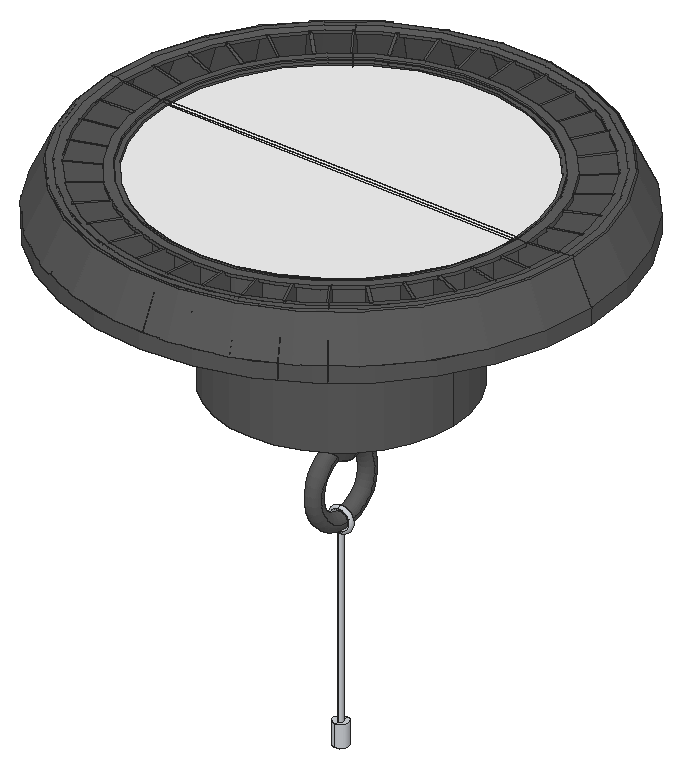
Revit family "0039346 Feilo Sylvania Lighting Fixture START HIGHBAY 4K 26KLM MEDIUM pendant", category Lighting Fixtures, host Face, Revit 2017
Family settings
  Host = Face
  Round Connector Dimension = Use Diameter
  Part Type = Normal
  OmniClass Number = 23.80.70.00
  OmniClass Title = Lighting
  Cut with Voids When Loaded = No
  Light Source = Yes
  Shared = No
  Room Calculation Point = No
Parameters (values of type "0039346 START HIGHBAY 4K 26KLM MEDIUM ")
  WidthStraight_FEILO = if(SizeS_FEILO, 3 mm, if(SizeM_FEILO, 4 mm, 4.7 mm))  # 4.7 mm
  WidthRingChamfer_FEILO = if(SizeS_FEILO, 10.3 mm, if(SizeM_FEILO, 11.2 mm, 12.9 mm))  # 12.9 mm
  WidthCurved_FEILO = if(SizeS_FEILO, 17.4 mm, if(SizeM_FEILO, 16.4 mm, 26.2 mm))  # 26.2 mm
  WidthCurvedRing_FEILO = if(SizeS_FEILO, 3 mm, if(SizeM_FEILO, 4 mm, 4.7 mm))  # 4.7 mm
  WidthBracket_FEILO = 40 mm
  Weight = "3.7 kg"
  Wattage Comments = ""
  Wattage = 200 W
  WarrantyStartDate [instance] = "n/a"
  WarrantyGuarantorParts = "n/a"
  WarrantyDurationUnit = "n/a"
  WarrantyDurationParts = "n/a"
  WarrantyDescription = "n/a"
  built-in parameter 1150110 = 1 (stored number, unit not read)
  Voltage = 230 V
  VisibilityBracket_FEILO = no
  URL = "http://www.sylvania-lighting.com"
  TypeName = "START HIGHBAY 4K 26KLM MEDIUM"
  Type Image = <None>
  Type Comments = "n/a"
  built-in parameter 1114217 = 1 (stored number, unit not read)
  Tilt Angle = -90.00°
  ThicknessWall_FEILO = 1.5 mm
  ThicknessBracket_FEILO = 1.5 mm
  ThicknessBracketHalf_FEILO = ThicknessBracket_FEILO / 2  # 0.75 mm
  built-in parameter 1150109 = 1 (stored number, unit not read)
  built-in parameter 1150134 = 12
  SuspensionHeight_FEILO [instance] = 350 mm
  built-in parameter 1150113 = 1 (stored number, unit not read)
  SizeS_FEILO = no
  SizeM_FEILO = no
  SerialNumber [instance] = "n/a"
  Rib4_FEILO = if(SizeS_FEILO, 18.1 mm, if(SizeM_FEILO, 13.6 mm, 14.6 mm))  # 14.6 mm
  Rib3_FEILO = if(SizeS_FEILO, 15.3 mm, if(SizeM_FEILO, 17.6 mm, 20.2 mm))  # 20.2 mm
  Rib2_FEILO = if(SizeS_FEILO, 3.6 mm, if(SizeM_FEILO, 3.9 mm, 4.5 mm))  # 4.5 mm
  Rib1_FEILO = if(SizeS_FEILO, 15.1 mm, if(SizeM_FEILO, 16.5 mm, 19 mm))  # 19 mm
  RadiusDiffuser_FEILO = if(SizeS_FEILO, 95.2 mm, if(SizeM_FEILO, 105.3 mm, 120 mm))  # 120 mm
  RadiusArrayPost_FEILO = DriverRadius_FEILO - 6 mm  # 70.4 mm
  RHRadius3_FEILO = if(SizeS_FEILO, 6.6 mm, if(SizeM_FEILO, 7.4 mm, 8.6 mm))  # 8.6 mm
  RHRadius2_FEILO = if(SizeS_FEILO, 11 mm, if(SizeM_FEILO, 12 mm, 14 mm))  # 14 mm
  RHRadius1_FEILO = if(SizeS_FEILO, 13.6 mm, if(SizeM_FEILO, 14.9 mm, 17.7 mm))  # 17.7 mm
  RHHeight4_FEILO = if(SizeS_FEILO, 7.3 mm, if(SizeM_FEILO, 8 mm, 9.2 mm))  # 9.2 mm
  RHHeight3_FEILO = if(SizeS_FEILO, 3.6 mm, if(SizeM_FEILO, 3.7 mm, 4.6 mm))  # 4.6 mm
  RHHeight2_FEILO = if(SizeS_FEILO, 2 mm, if(SizeM_FEILO, 2.2 mm, 2.6 mm))  # 2.6 mm
  RHHeight1_FEILO = if(SizeS_FEILO, 11.8 mm, if(SizeM_FEILO, 15.3 mm, 17.4 mm))  # 17.4 mm
  Photometric Web File = "0039346.ies"
  Material_3_FEILO = LED-Sylvania-StartHighbay-Glow
  PowerFactor = 0.95
  PowerConsumption = "200 W"
  NominalLength = 339 mm
  NominalHeight = 194 mm
  NominalDepth = 339 mm
  Name = "START HIGHBAY 4K 26KLM MEDIUM"
  ModelReference = Name  # "START HIGHBAY 4K 26KLM MEDIUM"
  ModelNumber = "0039346"
  Model = Name  # "START HIGHBAY 4K 26KLM MEDIUM"
  Material = "aluminium alloy housing, polycarbonate diffuser"
  ManufacturerName = "Feilo Sylvania"
  Manufacturer = "Feilo Sylvania"
  LuminousEfficacy = "130 lm/W"
  built-in parameter 1150105 = 32161 (stored number, unit not read)
  Lumens = 26000 lm
  LuminaireType = ""
  built-in parameter 1150115 = 1 (stored number, unit not read)
  LightOutputRatio = "n/a"
  built-in parameter 1150137 = (empty or 0)
  built-in parameter 1150139 = (empty or 0)
  LampsType = Lamp  # "LED"
  LampNominalLuminous = "26000 lm"
  LampMacAdamStep = "n/a"
  LampColourTemperature = "4000 K"
  LampColourRenderingIndex = "80"
  built-in parameter 1150112 = 1 (stored number, unit not read)
  built-in parameter 1150114 = 1 (stored number, unit not read)
  Lamp = "LED"
  Keynote = "16500"
  InstallationDate [instance] = "n/a"
  InputVoltage = "220-240V~"
  InputNominalFrequency = "50/60 Hz"
  built-in parameter 1150132 = (empty or 0)
  built-in parameter 1150102 = (empty or 0)
  built-in parameter 1150107 = 4000 (stored number, unit not read)
  built-in parameter 1150138 = (empty or 0)
  IngressProtection = "IP65"
  ImpactProtectionIndex = "IK08"
  built-in parameter 1150106 = 321.61 (stored number, unit not read)
  IfcExportType = "IfcLightFixtureType"
  IfcExportAs = "IfcLightFixtureType"
  HeightRing_FEILO = if(SizeS_FEILO, 19.8 mm, if(SizeM_FEILO, 32 mm, 36.8 mm))  # 36.8 mm
  HeightRingChamfer_FEILO = if(SizeS_FEILO, 11.7 mm, if(SizeM_FEILO, 23.2 mm, 26.6 mm))  # 26.6 mm
  EyeThickness_FEILO = if(SizeS_FEILO, 8.4 mm, if(SizeM_FEILO, 9.2 mm, 10.5 mm))  # 10.5 mm
  EyeThicknessHalf_FEILO = EyeThickness_FEILO / 2  # 5.25 mm
  EyeInner_FEILO = if(SizeS_FEILO, 13.8 mm, if(SizeM_FEILO, 15.1 mm, 17.3 mm))  # 17.3 mm
  ExpectedLife = 50000
  Emit from Circle Diameter = RadiusDiffuser_FEILO * 2  # 240 mm
  Emit Shape Visible in Rendering = no
  ElectricShockClassification = "Class I"
  built-in parameter 1150104 = 12.077 (stored number, unit not read)
  DurationUnit = "hours"
  DriverVerticalStraight_FEILO = if(SizeS_FEILO, 46.5 mm, if(SizeM_FEILO, 49.7 mm, 57 mm))  # 57 mm
  DriverVerticalChamfer_FEILO = if(SizeS_FEILO, 7.5 mm, if(SizeM_FEILO, 8.2 mm, 9.5 mm))  # 9.5 mm
  DriverRadius_FEILO = if(SizeS_FEILO, 61.4 mm, if(SizeM_FEILO, 67.2 mm, 76.4 mm))  # 76.4 mm
  DriverRadiusTop_FEILO = if(SizeS_FEILO, 42 mm, if(SizeM_FEILO, 45.3 mm, 52.4 mm))  # 52.4 mm
  DriverBottom_FEILO = if(SizeS_FEILO, 56 mm, if(SizeM_FEILO, 64.5 mm, 74 mm))  # 74 mm
  DocumentationLiterature = "http://www.sylvania-lighting.com/product/en-int/products/0039346"
  DimmingControlOptions = "n/a"
  Material_2_FEILO = Diffuser-Sylvania-StartHighbay-Transparent
  Radius_FEILO = if(SizeS_FEILO, 135 mm, if(SizeM_FEILO, 148 mm, 169.5 mm))  # 169.5 mm
  Dimming Lamp Color Temperature Shift = <None>
  DiameterWire_FEILO = 3 mm
  DiameterWireSupport_FEILO = 10 mm
  Description = "START HIGHBAY, includes 1 m cables, black aluminium housing, 26000LM, 200W, 130lm/W, 4000K, Driver current: 5000mA, CR80, 60° beam angle, 1-10V dimmable,  IP65, IK08, 50,000 hrs (L70B50), (LxWxH) 339x339x194mm"
  Default Elevation = 1219.2 mm
  CreatedOn = "2/28/2018"
  CreatedBy = ""
  Cost = 0
  Color Filter = 16777215
  built-in parameter 1114216 [instance] = (empty or 0)
  ClassificationValue = "EF_70_80"
  ClassificationName = "Uniclass2015"
  Material_1_FEILO = Body-Sylvania-StartHighbay-Black
  BarCode [instance] = "n/a"
  built-in parameter 1114218 = 1 (stored number, unit not read)
  built-in parameter 1150133 = 10 (stored number, unit not read)
  AssetType = "Fixed"
  AssetIdentifier [instance] = "n/a"
  Assembly Code = "D5020200"
  Apparent Load = 200 VA
  Material_4_FEILO = none
Reference planes
  plane 1 "Center (Front/Back)": y = 0
  plane 2: z = 0
  plane 3 "Center (Left/Right)": x = 0
  plane 4: z = 350
  plane 5: x = -169.5
  plane 6: x = -156.6
  plane 7: z = 323.4
  plane 8: z = 313.2
  plane 9: x = -151.9
  plane 10: z = 347.375
  plane 11: x = -125.7
  plane 12: x = -120
  plane 13: x = -147.2
  plane 14: z = 348.375
  plane 15: z = 346.375
  plane 16: x = -117
  plane 17: z = 345.375
  plane 18: x = -168
  plane 19: x = -150.5
  plane 20: z = 308.7
  plane 21: x = -130.3
  plane 22: z = 294.1
  plane 23: x = -20
  plane 24: z = 276
  plane 25: x = -76.4
  plane 26: z = 219
  plane 27: x = -52.4
  plane 28: z = 209.5
  plane 29: x = -17.7
  plane 30: z = 192.1
  plane 31: z = 189.5
  plane 32: x = -14
  plane 33: z = 184.9
  plane 34: z = 175.7
  plane 35: x = -8.6
  plane 36: z = 158.4
  plane 37: z = 141.1
  plane 38: x = 5.25
  plane 39: x = -5.25
  plane 40: z = 130.6
  plane 41: z = 135.85
  plane 42: x = -162.3
  plane 43: x = -167
  plane 44: z = 311.7
  plane 45: x = -155.1
  plane 46: z = 247.5
  plane 47: y = -20
  plane 48: y = 20
  plane 49: x = 169.5
  plane 50: x = 156.6
  plane 51: x = 168
  plane 52: x = 162.3
  plane 53: x = 167
  plane 54: x = 155.1
  plane 55: z = 144.1
  plane 56: y = 1.5
  plane 57: y = -1.5
  plane 58: z = 142.6
  plane 59: z = 129.1
  plane 60: z = 127.6
  plane 61: y = -5
  plane 62: y = 5
  plane 63: z = 14
Forms (mm)
  Revolve 1, solid, material "Body-Sylvania-StartHighbay-Black" <- "Material_1_FEILO", detail levels medium+fine
    sketch origin (0, 0, 0) x (1, 0, 0) y (0, 0, 1)
      loop
        line (-169.5, 313.2) -> (-168, 313.2) -> (-168, 323.055) -> (-156.206, 347.375) -> (-147.2, 347.375) -> (-147.2, 349.137)
        arc (-147.2, 349.137) -> (-149.554, 349.547) -> (-151.9, 350) r 132.063
        line (-151.9, 350) -> (-156.141, 350)
        arc (-156.141, 350) -> (-156.63, 349.826) -> (-156.899, 349.383) r 0.774
        line (-156.899, 349.383) -> (-169.5, 323.4) -> (-169.5, 313.2)
      axis (0, 350) -> (0, 313.2)
    angle from 360 to 0
  Revolve 2, solid, material "Body-Sylvania-StartHighbay-Black" <- "Material_1_FEILO", detail levels medium+fine
    sketch origin (0, 0, 0) x (1, 0, 0) y (0, 0, 1)
      loop
        line (-125.7, 345.375) -> (-120, 345.375) -> (-120, 323.4) -> (0, 323.4) -> (0, 345.375) -> (-117, 345.375) -> (-117, 346.375) -> (-120, 346.375) -> (-120, 347.375) -> (-125.7, 347.375) -> (-125.7, 345.375)
      axis (0, 347.375) -> (0, 323.4)
    angle from 360 to 0
  Revolve 3, solid, material "Diffuser-Sylvania-StartHighbay-Transparent" <- "Material_2_FEILO", detail levels medium+fine
    sketch origin (0, 0, 0) x (1, 0, 0) y (0, 0, 1)
      loop
        line (-120, 346.375) -> (0, 346.375) -> (0, 348.375) -> (-120, 348.375) -> (-120, 346.375)
      axis (0, 348.375) -> (0, 346.375)
    angle from 360 to 0
  Revolve 4, solid, material "Body-Sylvania-StartHighbay-Black" <- "Material_1_FEILO"
    sketch origin (0, 0, 0) x (1, 0, 0) y (0, 0, 1)
      loop
        line (-76.4, 294.1) -> (-76.4, 219) -> (-52.4, 209.5) -> (-17.7, 209.5) -> (-17.7, 192.1) -> (-14, 189.5) -> (-14, 184.9) -> (-9.037, 176.426)
        arc (-9.037, 176.426) -> (-8.49, 175.894) -> (-7.753, 175.7) r 1.5
        line (-7.753, 175.7) -> (0, 175.7) -> (0, 294.1) -> (-76.4, 294.1)
      axis (0, 294.1) -> (0, 175.7)
    angle from 360 to 0
  Revolve 5, solid, material "Body-Sylvania-StartHighbay-Black" <- "Material_1_FEILO"
    sketch origin (0, 0, 0) x (1, 0, 0) y (0, 0, 1)
      loop
        circle (0, 135.85) r 5.25
      axis (5.25, 158.4) -> (-5.25, 158.4)
    angle from 360 to 0
  Extrusion 6, solid, material "Body-Sylvania-StartHighbay-Black" <- "Material_1_FEILO", visible <- "VisibilityBracket_FEILO"
    sketch origin (0, 0, 0) x (1, 0, 0) y (0, 0, 1)
      loop
        line (-167, 313.2) -> (-167, 311.7) -> (-157.35, 311.7)
        arc (-157.35, 311.7) -> (-156.82, 311.48) -> (-156.6, 310.95) r 0.75
        line (-156.6, 310.95) -> (-156.6, 247.5) -> (-155.1, 247.5) -> (-155.1, 311.7)
        arc (-155.1, 311.7) -> (-155.539, 312.761) -> (-156.6, 313.2) r 1.5
        line (-156.6, 313.2) -> (-167, 313.2)
      loop
        line (167, 313.2) -> (156.6, 313.2)
        arc (156.6, 313.2) -> (155.539, 312.761) -> (155.1, 311.7) r 1.5
        line (155.1, 311.7) -> (155.1, 247.5) -> (156.6, 247.5) -> (156.6, 310.95)
        arc (156.6, 310.95) -> (156.82, 311.48) -> (157.35, 311.7) r 0.75
        line (157.35, 311.7) -> (167, 311.7) -> (167, 313.2)
    from -20 to 20
  Extrusion 7, void
    sketch origin (0, 0, 0) x (0, 1, 0) y (0, 0, 1)
      loop
        arc (-10, 247.5) -> (-17.071, 250.429) -> (-20, 257.5) r 10
        line (-20, 257.5) -> (-25, 257.5) -> (-25, 242.5) -> (-10, 242.5) -> (-10, 247.5)
      loop
        line (10, 247.5) -> (10, 242.5) -> (25, 242.5) -> (25, 257.5) -> (20, 257.5)
        arc (20, 257.5) -> (17.071, 250.429) -> (10, 247.5) r 10
    from -156.6 to 156.6
  Revolve 8, solid, material "Body-Sylvania-StartHighbay-Black" <- "Material_1_FEILO", detail levels coarse
    sketch origin (0, 0, 0) x (1, 0, 0) y (0, 0, 1)
      loop
        line (0, 350) -> (-156.6, 350) -> (-169.5, 323.4) -> (-169.5, 313.2) -> (-150.5, 313.2) -> (-150.5, 308.7) -> (-130.3, 294.1) -> (0, 294.1) -> (0, 350)
      axis (0, 350) -> (0, 294.1)
    angle from 360 to 0
  Revolve 9, solid
    sketch origin (0, 0, 0) x (0, 1, 0) y (0, 0, 1)
      loop
        circle (0, 142.6) r 1.5
      axis (1.5, 135.85) -> (-1.5, 135.85)
    angle from 360 to 0
  Revolve 10, solid
    sketch origin (0, 0, 0) x (0, 1, 0) y (0, 0, 1)
      loop
        line (0, 0) -> (0, 129.1) -> (-1.5, 129.1) -> (-1.5, 14) -> (-5, 14) -> (-5, 0) -> (0, 0)
      axis (0, 0) -> (0, 129.1)
    angle from 360 to 0
Cuts and joins
  Extrusion 7 cuts Extrusion 6
Lines and regions (mm)
  reference lines
    curve 1: line (-169.5, 0, 323.4) -> (-156.6, 0, 350)
    curve 2: line (-125.7, 0, 347.375) -> (0, 0, 347.375)
    curve 3: arc (-125.7, 0, 347.375) -> (-138.866, 0, 348.033) -> (-151.9, 0, 350) r 132.063
    curve 4: line (-156.6, 0, 350) -> (-151.9, 0, 350)
    curve 5: line (-156.206, 0, 347.375) -> (-168, 0, 323.055)
    curve 6: line (-150.5, 0, 308.7) -> (-130.3, 0, 294.1)
    curve 7: line (-14, 0, 184.9) -> (-8.6, 0, 175.7)
    curve 8: circle (0, 0, 135.85) r 5.25 normal (0, -1, 0)
Dimensions and locks
  "Radius_FEILO": plane 3 "Center (Left/Right)" to plane 5
  "WidthRingChamfer_FEILO": plane 6 to plane 5
  "WidthStraight_FEILO": plane 9 to plane 6
  "WidthCurvedRing_FEILO": plane 13 to plane 9
  locked: plane 10 to plane 15 at 1
  locked: plane 14 to plane 10 at 1
  locked: plane 4 to plane 10 at 2.625
  locked: plane 15 to plane 17 at 1
  "ThicknessWall_FEILO": plane 18 to plane 5
  "ThicknessWall_FEILO": curve 5 to curve 1
  "HeightRingChamfer_FEILO": plane 4 to plane 7
  "HeightRing_FEILO": plane 4 to plane 8
  "RadiusDiffuser_FEILO": plane 3 "Center (Left/Right)" to plane 12
  locked: plane 16 to plane 12 at 3
  "WidthCurved_FEILO": plane 11 to plane 9
  "SuspensionHeight_FEILO": plane 4 to plane 2
  "Rib1_FEILO": plane 19 to plane 5
  "Rib2_FEILO": plane 8 to plane 20
  "Rib3_FEILO": plane 21 to plane 19
  "Rib4_FEILO": plane 20 to plane 22
  locked: plane 3 "Center (Left/Right)" to plane 23 at 20
  "DriverBottom_FEILO": plane 4 to plane 24
  "DriverRadius_FEILO": plane 3 "Center (Left/Right)" to plane 25
  "DriverVerticalStraight_FEILO": plane 24 to plane 26
  "DriverRadiusTop_FEILO": plane 3 "Center (Left/Right)" to plane 27
  "DriverVerticalChamfer_FEILO": plane 26 to plane 28
  "RHRadius1_FEILO": plane 3 "Center (Left/Right)" to plane 29
  "RHHeight2_FEILO": plane 30 to plane 31
  "RHRadius2_FEILO": plane 3 "Center (Left/Right)" to plane 32
  "RHHeight3_FEILO": plane 31 to plane 33
  "RHHeight4_FEILO": plane 33 to plane 34
  "RHRadius3_FEILO": plane 3 "Center (Left/Right)" to plane 35
  "RHHeight1_FEILO": plane 28 to plane 30
  "EyeInner_FEILO": plane 34 to plane 36
  "EyeInner_FEILO": plane 36 to plane 37
  equal spacing: plane 38, plane 3 "Center (Left/Right)", plane 39
  "EyeThickness_FEILO": plane 38 to plane 39
  "EyeThickness_FEILO": plane 37 to plane 40
  equal spacing: plane 37, plane 41, plane 40
  equal spacing: plane 6, plane 42, plane 18
  "ThicknessBracket_FEILO": plane 45 to plane 6
  "ThicknessBracket_FEILO": plane 8 to plane 44
  locked: plane 43 to plane 18 at 1
  equal spacing: plane 24, plane 46, plane 26
  equal spacing: plane 47, plane 1 "Center (Front/Back)", plane 48
  "WidthBracket_FEILO": plane 47 to plane 48
  "WidthRingChamfer_FEILO": plane 50 to plane 49
  "ThicknessWall_FEILO": plane 51 to plane 49
  equal spacing: plane 50, plane 52, plane 51
  "ThicknessBracket_FEILO": plane 54 to plane 50
  locked: plane 53 to plane 51 at 1
  "Radius_FEILO": plane 49 to plane 3 "Center (Left/Right)"
  equal spacing: plane 57, imposter light, plane 56
  "DiameterWire_FEILO": plane 57 to plane 56
  "DiameterWire_FEILO": plane 37 to plane 55
  equal spacing: plane 37, plane 58, plane 55
  "DiameterWire_FEILO": plane 60 to plane 40
  equal spacing: plane 60, plane 59, plane 40
  equal spacing: plane 61, plane 1 "Center (Front/Back)", plane 62
  "DiameterWireSupport_FEILO": plane 61 to plane 62
  locked: plane 63 to plane 2 at 14
  "EyeThicknessHalf_FEILO": radius of curve 8
  "ThicknessBracket_FEILO": radius of Extrusion 6 sketch curve  (x2)
  "ThicknessBracketHalf_FEILO": radius of Extrusion 6 sketch curve  (x2)
  "DiameterWire_FEILO": diameter of Revolve 9 sketch curve
  aligned and locked: plane 2 to host face
  aligned and locked: level to host face
  aligned and locked: plane 5 to curve 1
  aligned and locked: plane 6 to curve 1
  aligned and locked: plane 7 to curve 1
  aligned and locked: plane 10 to curve 2
  aligned and locked: plane 9 to curve 3
  aligned and locked: plane 4 to curve 3
  aligned and locked: plane 11 to curve 3
  aligned and locked: plane 4 to curve 4
  aligned and locked: plane 18 to curve 5
  aligned and locked: plane 10 to curve 5
  aligned and locked: Revolve 1 sketch curve to plane 3 "Center (Left/Right)"
  aligned and locked: Revolve 1 sketch curve to curve 3
  aligned and locked: Revolve 1 sketch curve to curve 1
  aligned and locked: plane 4 to Revolve 1 sketch curve
  aligned and locked: plane 9 to Revolve 1 sketch curve
  aligned and locked: Revolve 1 sketch curve to plane 13
  aligned and locked: Revolve 1 sketch curve to plane 10
  aligned and locked: plane 13 to Revolve 1 sketch curve
  aligned and locked: plane 10 to Revolve 1 sketch curve
  aligned and locked: Revolve 1 sketch curve to plane 18
  aligned and locked: Revolve 1 sketch curve to plane 8
  aligned and locked: plane 5 to Revolve 1 sketch curve  (x2)
  aligned and locked: Revolve 2 sketch curve to plane 3 "Center (Left/Right)"
  aligned and locked: plane 11 to Revolve 2 sketch curve
  aligned and locked: Revolve 2 sketch curve to curve 2
  aligned and locked: plane 15 to Revolve 2 sketch curve
  aligned and locked: Revolve 2 sketch curve to plane 16
  aligned and locked: plane 17 to Revolve 2 sketch curve  (x2)
  aligned and locked: Revolve 2 sketch curve to plane 12
  aligned and locked: plane 7 to Revolve 2 sketch curve
  aligned and locked: Revolve 3 sketch curve to plane 3 "Center (Left/Right)"
  aligned and locked: Revolve 3 sketch curve to plane 14
  aligned and locked: plane 3 "Center (Left/Right)" to Revolve 3 sketch curve
  aligned and locked: Revolve 3 sketch curve to plane 12
  aligned and locked: plane 15 to Revolve 3 sketch curve
  aligned and locked: Revolve 1 sketch curve to curve 5
  aligned and locked: plane 22 to curve 6
  aligned and locked: plane 21 to curve 6
  aligned and locked: plane 20 to curve 6
  aligned and locked: plane 19 to curve 6
  aligned and locked: plane 33 to curve 7
  aligned and locked: plane 32 to curve 7
  aligned and locked: plane 35 to curve 7
  aligned and locked: plane 34 to curve 7
  aligned and locked: Revolve 4 sketch curve to plane 3 "Center (Left/Right)"
  aligned and locked: Revolve 4 sketch curve to plane 25
  aligned and locked: plane 27 to Revolve 4 sketch curve
  aligned and locked: plane 28 to Revolve 4 sketch curve
  aligned and locked: plane 30 to Revolve 4 sketch curve
  aligned and locked: Revolve 4 sketch curve to plane 29
  aligned and locked: plane 31 to Revolve 4 sketch curve
  aligned and locked: Revolve 4 sketch curve to curve 7
  aligned and locked: Revolve 4 sketch curve to plane 32
  aligned and locked: plane 34 to Revolve 4 sketch curve
  aligned and locked: plane 3 "Center (Left/Right)" to Revolve 4 sketch curve
  aligned and locked: plane 3 "Center (Left/Right)" to curve 8
  aligned and locked: plane 41 to curve 8
  aligned and locked: Revolve 5 sketch curve to plane 36
  aligned and locked: Revolve 5 sketch curve to curve 8
  aligned and locked: plane 43 to Extrusion 6 sketch curve  (x2)
  aligned and locked: plane 8 to Extrusion 6 sketch curve  (x3)
  aligned and locked: Extrusion 6 sketch curve to plane 45
  aligned and locked: Extrusion 6 sketch curve to plane 46  (x2)
  aligned and locked: plane 6 to Extrusion 6 sketch curve
  aligned and locked: Extrusion 6 sketch curve to plane 44  (x2)
  aligned and locked: Extrusion 6 to plane 48
  aligned and locked: plane 47 to Extrusion 6
  aligned and locked: plane 53 to Extrusion 6 sketch curve
  aligned and locked: plane 50 to Extrusion 6 sketch curve
  aligned and locked: Extrusion 6 sketch curve to plane 54
  aligned and locked: Extrusion 7 sketch curve to Extrusion 7 sketch curve
  aligned and locked: Extrusion 7 to plane 6
  aligned and locked: Extrusion 7 to Extrusion 6
  aligned and locked: Revolve 4 sketch curve to plane 22
  aligned and locked: plane 23 to nested 1
  aligned and locked: plane 1 "Center (Front/Back)" to nested 1
  aligned and locked: Revolve 8 sketch curve to plane 3 "Center (Left/Right)"
  aligned and locked: Revolve 8 sketch curve to plane 4
  aligned and locked: plane 6 to Revolve 8 sketch curve
  aligned and locked: plane 4 to Revolve 8 sketch curve
  aligned and locked: plane 7 to Revolve 8 sketch curve
  aligned and locked: Revolve 8 sketch curve to plane 5
  aligned and locked: plane 8 to Revolve 8 sketch curve  (x2)
  aligned and locked: Revolve 8 sketch curve to plane 19
  aligned and locked: plane 20 to Revolve 8 sketch curve
  aligned and locked: plane 19 to Revolve 8 sketch curve
  aligned and locked: plane 21 to Revolve 8 sketch curve
  aligned and locked: plane 22 to Revolve 8 sketch curve  (x2)
  aligned and locked: Revolve 8 sketch curve to Revolve 8 sketch curve
  aligned and locked: imposter light to plane 4
  aligned and locked: plane 3 "Center (Left/Right)" to imposter light
  aligned and locked: imposter light to plane 1 "Center (Front/Back)"
  aligned and locked: Revolve 9 sketch curve to plane 41
  aligned and locked: Revolve 10 sketch curve to plane 1 "Center (Front/Back)"
  aligned and locked: plane 1 "Center (Front/Back)" to Revolve 10 sketch curve  (x2)
  aligned and locked: host face to Revolve 10 sketch curve
  aligned and locked: plane 63 to Revolve 10 sketch curve
  aligned and locked: Revolve 10 sketch curve to plane 61
  aligned and locked: Revolve 10 sketch curve to plane 57
  aligned and locked: plane 59 to Revolve 10 sketch curve
Automatic sketch dimensions
  host sketch curve to host sketch curve = 2438.4 mm  (x2)
  curve 2 to plane 3 "Center (Left/Right)" = 0 mm
  Revolve 1 sketch curve to plane 6 = 0.299 mm
  plane 6 to Revolve 1 sketch curve = 0.459 mm
  Revolve 1 sketch curve to level = 609.6 mm
  Revolve 1 sketch curve to Revolve 1 sketch curve = 2312.223 mm
  Revolve 2 sketch curve to plane 12 = 0 mm
  Revolve 2 sketch curve to plane 3 "Center (Left/Right)" = 0 mm
  Revolve 2 sketch curve to level = 609.6 mm
  Revolve 2 sketch curve to plane 4 = 2339.058 mm
  Revolve 3 sketch curve to level = 609.6 mm
  Revolve 3 sketch curve to plane 4 = 2339.058 mm
  Revolve 5 sketch curve to plane 5 = 1080 mm
  plane 38 to Revolve 5 sketch curve = 1219.2 mm
  Extrusion 7 sketch curve to plane 47 = 0 mm
  plane 46 to Extrusion 7 sketch curve = 0 mm  (x2)
  Extrusion 7 sketch curve to plane 48 = 0 mm
  plane 47 to Extrusion 7 sketch curve = 5 mm
  plane 1 "Center (Front/Back)" to Extrusion 7 sketch curve = 10 mm
  Extrusion 7 sketch curve to Extrusion 7 sketch curve = 10 mm
  plane 46 to Extrusion 7 sketch curve = 5 mm
  Extrusion 7 sketch curve to Extrusion 7 sketch curve = 5 mm
  Extrusion 7 sketch curve to plane 48 = 5 mm
  Revolve 4 sketch curve to plane 26 = 0 mm
  Revolve 4 sketch curve to plane 35 = 0.437 mm
  plane 35 to Revolve 4 sketch curve = 0.847 mm
  Revolve 4 sketch curve to plane 34 = 0.726 mm
  plane 40 to Revolve 4 sketch curve = 590.2 mm
  Revolve 4 sketch curve to plane 4 = 2339.058 mm
  Revolve 8 sketch curve to level = 609.6 mm
  Revolve 8 sketch curve to Revolve 8 sketch curve = 2386.058 mm
  Revolve 9 sketch curve to plane 1 "Center (Front/Back)" = 0 mm
  plane 58 to Revolve 9 sketch curve = 0 mm
  plane 47 to Revolve 9 sketch curve = 2534.941 mm
  Revolve 9 sketch curve to plane 48 = 2077.409 mm
  Revolve 10 sketch curve to Revolve 10 sketch curve = 609.6 mm
  Revolve 10 sketch curve to plane 4 = 2123.807 mm
Nested families
  nested 1: "Start Highbay Rib" at (0, 0, 347.375), type "Type Name", detail levels medium+fine
    with SuspensionHeight_FEILO 2.6 mm
  nested 2: "Start Highbay Rib" at (0, 0, 347.375) x (0.9877, 0.1564, 0) z (0, 0, 1), type "Type Name", detail levels medium+fine
    with SuspensionHeight_FEILO 2.6 mm
  nested 3: "Start Highbay Rib" at (0, 0, 347.375) x (0.9511, 0.309, 0) z (0, 0, 1), type "Type Name", detail levels medium+fine
    with SuspensionHeight_FEILO 2.6 mm
  nested 4: "Start Highbay Rib" at (0, 0, 347.375) x (0.891, 0.454, 0) z (0, 0, 1), type "Type Name", detail levels medium+fine
    with SuspensionHeight_FEILO 2.6 mm
  nested 5: "Start Highbay Rib" at (0, 0, 347.375) x (0.809, 0.5878, 0) z (0, 0, 1), type "Type Name", detail levels medium+fine
    with SuspensionHeight_FEILO 2.6 mm
  nested 6: "Start Highbay Rib" at (0, 0, 347.375) x (0.7071, 0.7071, 0) z (0, 0, 1), type "Type Name", detail levels medium+fine
    with SuspensionHeight_FEILO 2.6 mm
  nested 7: "Start Highbay Rib" at (0, 0, 347.375) x (0.5878, 0.809, 0) z (0, 0, 1), type "Type Name", detail levels medium+fine
    with SuspensionHeight_FEILO 2.6 mm
  nested 8: "Start Highbay Rib" at (0, 0, 347.375) x (0.454, 0.891, 0) z (0, 0, 1), type "Type Name", detail levels medium+fine
    with SuspensionHeight_FEILO 2.6 mm
  nested 9: "Start Highbay Rib" at (0, 0, 347.375) x (0.309, 0.9511, 0) z (0, 0, 1), type "Type Name", detail levels medium+fine
    with SuspensionHeight_FEILO 2.6 mm
  nested 10: "Start Highbay Rib" at (0, 0, 347.375) x (0.1564, 0.9877, 0) z (0, 0, 1), type "Type Name", detail levels medium+fine
    with SuspensionHeight_FEILO 2.6 mm
  nested 11: "Start Highbay Rib" at (0, 0, 347.375) x (0, 1, 0) z (0, 0, 1), type "Type Name", detail levels medium+fine
    with SuspensionHeight_FEILO 2.6 mm
  nested 12: "Start Highbay Rib" at (0, 0, 347.375) x (-0.1564, 0.9877, 0) z (0, 0, 1), type "Type Name", detail levels medium+fine
    with SuspensionHeight_FEILO 2.6 mm
  nested 13: "Start Highbay Rib" at (0, 0, 347.375) x (-0.309, 0.9511, 0) z (0, 0, 1), type "Type Name", detail levels medium+fine
    with SuspensionHeight_FEILO 2.6 mm
  nested 14: "Start Highbay Rib" at (0, 0, 347.375) x (-0.454, 0.891, 0) z (0, 0, 1), type "Type Name", detail levels medium+fine
    with SuspensionHeight_FEILO 2.6 mm
  nested 15: "Start Highbay Rib" at (0, 0, 347.375) x (-0.5878, 0.809, 0) z (0, 0, 1), type "Type Name", detail levels medium+fine
    with SuspensionHeight_FEILO 2.6 mm
  nested 16: "Start Highbay Rib" at (0, 0, 347.375) x (-0.7071, 0.7071, 0) z (0, 0, 1), type "Type Name", detail levels medium+fine
    with SuspensionHeight_FEILO 2.6 mm
  nested 17: "Start Highbay Rib" at (0, 0, 347.375) x (-0.809, 0.5878, 0) z (0, 0, 1), type "Type Name", detail levels medium+fine
    with SuspensionHeight_FEILO 2.6 mm
  nested 18: "Start Highbay Rib" at (0, 0, 347.375) x (-0.891, 0.454, 0) z (0, 0, 1), type "Type Name", detail levels medium+fine
    with SuspensionHeight_FEILO 2.6 mm
  nested 19: "Start Highbay Rib" at (0, 0, 347.375) x (-0.9511, 0.309, 0) z (0, 0, 1), type "Type Name", detail levels medium+fine
    with SuspensionHeight_FEILO 2.6 mm
  nested 20: "Start Highbay Rib" at (0, 0, 347.375) x (-0.9877, 0.1564, 0) z (0, 0, 1), type "Type Name", detail levels medium+fine
    with SuspensionHeight_FEILO 2.6 mm
  nested 21: "Start Highbay Rib" at (0, 0, 347.375) x (-1, 0, 0) z (0, 0, 1), type "Type Name", detail levels medium+fine
    with SuspensionHeight_FEILO 2.6 mm
  nested 22: "Start Highbay Rib" at (0, 0, 347.375) x (-0.9877, -0.1564, 0) z (0, 0, 1), type "Type Name", detail levels medium+fine
    with SuspensionHeight_FEILO 2.6 mm
  nested 23: "Start Highbay Rib" at (0, 0, 347.375) x (-0.9511, -0.309, 0) z (0, 0, 1), type "Type Name", detail levels medium+fine
    with SuspensionHeight_FEILO 2.6 mm
  nested 24: "Start Highbay Rib" at (0, 0, 347.375) x (-0.891, -0.454, 0) z (0, 0, 1), type "Type Name", detail levels medium+fine
    with SuspensionHeight_FEILO 2.6 mm
  nested 25: "Start Highbay Rib" at (0, 0, 347.375) x (-0.809, -0.5878, 0) z (0, 0, 1), type "Type Name", detail levels medium+fine
    with SuspensionHeight_FEILO 2.6 mm
  nested 26: "Start Highbay Rib" at (0, 0, 347.375) x (-0.7071, -0.7071, 0) z (0, 0, 1), type "Type Name", detail levels medium+fine
    with SuspensionHeight_FEILO 2.6 mm
  nested 27: "Start Highbay Rib" at (0, 0, 347.375) x (-0.5878, -0.809, 0) z (0, 0, 1), type "Type Name", detail levels medium+fine
    with SuspensionHeight_FEILO 2.6 mm
  nested 28: "Start Highbay Rib" at (0, 0, 347.375) x (-0.454, -0.891, 0) z (0, 0, 1), type "Type Name", detail levels medium+fine
    with SuspensionHeight_FEILO 2.6 mm
  nested 29: "Start Highbay Rib" at (0, 0, 347.375) x (-0.309, -0.9511, 0) z (0, 0, 1), type "Type Name", detail levels medium+fine
    with SuspensionHeight_FEILO 2.6 mm
  nested 30: "Start Highbay Rib" at (0, 0, 347.375) x (-0.1564, -0.9877, 0) z (0, 0, 1), type "Type Name", detail levels medium+fine
    with SuspensionHeight_FEILO 2.6 mm
  nested 31: "Start Highbay Rib" at (0, 0, 347.375) x (0, -1, 0) z (0, 0, 1), type "Type Name", detail levels medium+fine
    with SuspensionHeight_FEILO 2.6 mm
  nested 32: "Start Highbay Rib" at (0, 0, 347.375) x (0.1564, -0.9877, 0) z (0, 0, 1), type "Type Name", detail levels medium+fine
    with SuspensionHeight_FEILO 2.6 mm
  nested 33: "Start Highbay Rib" at (0, 0, 347.375) x (0.309, -0.9511, 0) z (0, 0, 1), type "Type Name", detail levels medium+fine
    with SuspensionHeight_FEILO 2.6 mm
  nested 34: "Start Highbay Rib" at (0, 0, 347.375) x (0.454, -0.891, 0) z (0, 0, 1), type "Type Name", detail levels medium+fine
    with SuspensionHeight_FEILO 2.6 mm
  nested 35: "Start Highbay Rib" at (0, 0, 347.375) x (0.5878, -0.809, 0) z (0, 0, 1), type "Type Name", detail levels medium+fine
    with SuspensionHeight_FEILO 2.6 mm
  nested 36: "Start Highbay Rib" at (0, 0, 347.375) x (0.7071, -0.7071, 0) z (0, 0, 1), type "Type Name", detail levels medium+fine
    with SuspensionHeight_FEILO 2.6 mm
  nested 37: "Start Highbay Rib" at (0, 0, 347.375) x (0.809, -0.5878, 0) z (0, 0, 1), type "Type Name", detail levels medium+fine
    with SuspensionHeight_FEILO 2.6 mm
  nested 38: "Start Highbay Rib" at (0, 0, 347.375) x (0.891, -0.454, 0) z (0, 0, 1), type "Type Name", detail levels medium+fine
    with SuspensionHeight_FEILO 2.6 mm
  nested 39: "Start Highbay Rib" at (0, 0, 347.375) x (0.9511, -0.309, 0) z (0, 0, 1), type "Type Name", detail levels medium+fine
    with SuspensionHeight_FEILO 2.6 mm
  nested 40: "Start Highbay Rib" at (0, 0, 347.375) x (0.9877, -0.1564, 0) z (0, 0, 1), type "Type Name", detail levels medium+fine
    with SuspensionHeight_FEILO 2.6 mm
Connectors
  electrical at (0, 0, 0), driven by "Apparent Load", driven by "PowerFactor", driven by "Voltage"
    settings: index 1, voltage 230 V, apparent load 200 VA, apparent load phase1 0 VA, apparent load phase2 0 VA, apparent load phase3 0 VA, power factor 0.95, load classification "Lighting", number of poles 1, system type 30, power factor state 1, is connector primary yes, connector utility no, sub classification motor no, connector description ""
Definition of nested family "Start Highbay Rib"
  Parameters (values of type "Type Name")
    WidthStraight_FEILO = if(SizeS_FEILO, 3 mm, if(SizeM_FEILO, 4 mm, 4.7 mm))  # 3 mm
    WidthRingChamfer_FEILO = if(SizeS_FEILO, 10.3 mm, if(SizeM_FEILO, 11.2 mm, 12.9 mm))  # 10.3 mm
    WidthCurved_FEILO = if(SizeS_FEILO, 17.4 mm, if(SizeM_FEILO, 16.4 mm, 26.2 mm))  # 17.4 mm
    WidthCurvedRing_FEILO = if(SizeS_FEILO, 3 mm, if(SizeM_FEILO, 4 mm, 4.7 mm))  # 3 mm
    WidthBracket_FEILO = 40 mm
    URL = "http://www.feilosylvania.com"
    Type Image = (empty or 0)
    Type Comments = "n/a"
    ThicknessWall_FEILO = 1.5 mm
    ThicknessBracket_FEILO = 1.5 mm
    ThicknessBracketHalf_FEILO = ThicknessBracket_FEILO / 2  # 0.75 mm
    SuspensionHeight_FEILO [instance] = 2.6 mm
    SizeS_FEILO = yes
    SizeM_FEILO = no
    Rib4_FEILO = if(SizeS_FEILO, 18.1 mm, if(SizeM_FEILO, 13.6 mm, 14.6 mm))  # 18.1 mm
    Rib3_FEILO = if(SizeS_FEILO, 15.3 mm, if(SizeM_FEILO, 17.6 mm, 20.2 mm))  # 15.3 mm
    Rib2_FEILO = if(SizeS_FEILO, 3.6 mm, if(SizeM_FEILO, 3.9 mm, 4.5 mm))  # 3.6 mm
    Rib1_FEILO = if(SizeS_FEILO, 15.1 mm, if(SizeM_FEILO, 16.5 mm, 19 mm))  # 15.1 mm
    RadiusRib_FEILO = 2 mm
    RadiusDiffuser_FEILO = if(SizeS_FEILO, 95.2 mm, if(SizeM_FEILO, 105.3 mm, 120 mm))  # 95.2 mm
    RHRadius3_FEILO = if(SizeS_FEILO, 6.6 mm, if(SizeM_FEILO, 7.4 mm, 8.6 mm))  # 6.6 mm
    RHRadius2_FEILO = if(SizeS_FEILO, 11 mm, if(SizeM_FEILO, 12 mm, 14 mm))  # 11 mm
    RHRadius1_FEILO = if(SizeS_FEILO, 13.6 mm, if(SizeM_FEILO, 14.9 mm, 17.7 mm))  # 13.6 mm
    RHHeight4_FEILO = if(SizeS_FEILO, 7.3 mm, if(SizeM_FEILO, 8 mm, 9.2 mm))  # 7.3 mm
    RHHeight3_FEILO = if(SizeS_FEILO, 3.6 mm, if(SizeM_FEILO, 3.7 mm, 4.6 mm))  # 3.6 mm
    RHHeight2_FEILO = if(SizeS_FEILO, 2 mm, if(SizeM_FEILO, 2.2 mm, 2.6 mm))  # 2 mm
    RHHeight1_FEILO = if(SizeS_FEILO, 11.8 mm, if(SizeM_FEILO, 15.3 mm, 17.4 mm))  # 11.8 mm
    Material_3_FEILO = none
    Model = ""
    Manufacturer = "Feilo Sylvania"
    Keynote = "16500"
    HeightRing_FEILO = if(SizeS_FEILO, 19.8 mm, if(SizeM_FEILO, 32 mm, 36.8 mm))  # 19.8 mm
    HeightRingChamfer_FEILO = if(SizeS_FEILO, 11.7 mm, if(SizeM_FEILO, 23.2 mm, 26.6 mm))  # 11.7 mm
    EyeThickness_FEILO = if(SizeS_FEILO, 8.4 mm, if(SizeM_FEILO, 9.2 mm, 10.5 mm))  # 8.4 mm
    EyeThicknessHalf_FEILO = EyeThickness_FEILO / 2  # 4.2 mm
    EyeInner_FEILO = if(SizeS_FEILO, 13.8 mm, if(SizeM_FEILO, 15.1 mm, 17.3 mm))  # 13.8 mm
    DriverVerticalStraight_FEILO = if(SizeS_FEILO, 46.5 mm, if(SizeM_FEILO, 49.7 mm, 57 mm))  # 46.5 mm
    DriverVerticalChamfer_FEILO = if(SizeS_FEILO, 7.5 mm, if(SizeM_FEILO, 8.2 mm, 9.5 mm))  # 7.5 mm
    DriverRadius_FEILO = if(SizeS_FEILO, 61.4 mm, if(SizeM_FEILO, 67.2 mm, 76.4 mm))  # 61.4 mm
    DriverRadiusTop_FEILO = if(SizeS_FEILO, 42 mm, if(SizeM_FEILO, 45.3 mm, 52.4 mm))  # 42 mm
    DriverBottom_FEILO = if(SizeS_FEILO, 56 mm, if(SizeM_FEILO, 64.5 mm, 74 mm))  # 56 mm
    Material_2_FEILO = none
    Radius_FEILO = if(SizeS_FEILO, 135 mm, if(SizeM_FEILO, 148 mm, 169.5 mm))  # 135 mm
    Description = ""
    Default Elevation = 1219.2 mm
    Cost = 0
    Material_1_FEILO = none
    Assembly Code = "D5020200"
    Material_4_FEILO = none
  Reference planes
    plane 1 "Center (Front/Back)": y = 0
    plane 2: z = 0
    plane 3 "Center (Left/Right)": x = 0
    plane 4: z = 2.6
    plane 5: x = -135
    plane 6: x = -124.7
    plane 7: z = -9.1
    plane 8: z = -17.2
    plane 9: x = -121.7
    plane 10: z = -0.025
    plane 11: x = -104.3
    plane 12: x = -95.2
    plane 13: x = -118.7
    plane 14: z = 0.975
    plane 15: z = -1.025
    plane 16: x = -92.2
    plane 17: z = -2.025
    plane 18: x = -133.5
    plane 19: x = -119.9
    plane 20: z = -20.8
    plane 21: x = -104.6
    plane 22: z = -38.9
    plane 23: x = -20
    plane 24: z = -53.4
    plane 25: x = -61.4
    plane 26: z = -99.9
    plane 27: x = -42
    plane 28: z = -107.4
    plane 29: x = -13.6
    plane 30: z = -119.2
    plane 31: z = -121.2
    plane 32: x = -11
    plane 33: z = -124.8
    plane 34: z = -132.1
    plane 35: x = -6.6
    plane 36: z = -145.9
    plane 37: z = -159.7
    plane 38: x = 4.2
    plane 39: x = -4.2
    plane 40: z = -168.1
    plane 41: z = -163.9
    plane 42: x = -129.1
    plane 43: x = -132.5
    plane 44: z = -18.7
    plane 45: x = -123.2
    plane 46: z = -76.65
    plane 47: y = -20
    plane 48: y = 20
    plane 49: x = 135
    plane 50: x = 124.7
    plane 51: x = 133.5
    plane 52: x = 129.1
    plane 53: x = 132.5
    plane 54: x = 123.2
    plane 55: y = 0.75
    plane 56: y = -0.75
  Forms (mm)
    Extrusion 1, solid
      sketch origin (4.2, 0, 0) x (1, 0, 0) y (0, 1, 0)
        loop
          line (-1219.2, 1219.2) -> (-1219.2, -1219.2) -> (1219.2, -1219.2) -> (1219.2, 1219.2) -> (-1219.2, 1219.2)
      from 0 to -68.017
    Extrusion 2, solid, material <- "Material_1_FEILO"
      sketch origin (0, 0, 0) x (1, 0, 0) y (0, 0, 1)
        loop
          arc (-104.3, -0.025) -> (-111.555, 0.423) -> (-118.7, 1.76) r 58.981
          line (-118.7, 1.76) -> (-118.7, -0.025) -> (-125.012, -0.025) -> (-133.5, -9.666) -> (-133.5, -17.2) -> (-119.9, -17.2) -> (-119.9, -20.068)
          arc (-119.9, -20.068) -> (-119.778, -20.755) -> (-119.427, -21.359) r 2
          line (-119.427, -21.359) -> (-104.966, -38.467)
          arc (-104.966, -38.467) -> (-104.381, -38.789) -> (-103.723, -38.9) r 2
          line (-103.723, -38.9) -> (-20, -38.9) -> (-20, -9.1) -> (-95.2, -9.1) -> (-95.2, -2.025) -> (-104.3, -2.025) -> (-104.3, -0.025)
      from -0.75 to 0.75
  Lines and regions (mm)
    reference lines
      curve 1: line (-135, 0, -9.1) -> (-124.7, 0, 2.6)
      curve 2: line (-104.3, 0, -0.025) -> (0, 0, -0.025)
      curve 3: arc (-104.3, 0, -0.025) -> (-113.098, 0, 0.635) -> (-121.7, 0, 2.6) r 58.981
      curve 4: line (-124.7, 0, 2.6) -> (-121.7, 0, 2.6)
      curve 5: line (-125.012, 0, -0.025) -> (-133.5, 0, -9.666)
      curve 6: line (-119.9, 0, -20.8) -> (-104.6, 0, -38.9)
  Dimensions and locks
    "Radius_FEILO": plane 3 "Center (Left/Right)" to plane 5
    "WidthRingChamfer_FEILO": plane 6 to plane 5
    "WidthStraight_FEILO": plane 9 to plane 6
    "WidthCurvedRing_FEILO": plane 13 to plane 9
    locked: plane 10 to plane 15 at 1
    locked: plane 14 to plane 10 at 1
    locked: plane 4 to plane 10 at 2.625
    locked: plane 15 to plane 17 at 1
    "ThicknessWall_FEILO": plane 18 to plane 5
    "ThicknessWall_FEILO": curve 5 to curve 1
    "HeightRingChamfer_FEILO": plane 4 to plane 7
    "HeightRing_FEILO": plane 4 to plane 8
    "RadiusDiffuser_FEILO": plane 3 "Center (Left/Right)" to plane 12
    locked: plane 16 to plane 12 at 3
    "WidthCurved_FEILO": plane 11 to plane 9
    "SuspensionHeight_FEILO": plane 4 to plane 2
    "Rib1_FEILO": plane 19 to plane 5
    "Rib2_FEILO": plane 8 to plane 20
    "Rib3_FEILO": plane 21 to plane 19
    "Rib4_FEILO": plane 20 to plane 22
    locked: plane 3 "Center (Left/Right)" to plane 23 at 20
    "DriverBottom_FEILO": plane 4 to plane 24
    "DriverRadius_FEILO": plane 3 "Center (Left/Right)" to plane 25
    "DriverVerticalStraight_FEILO": plane 24 to plane 26
    "DriverRadiusTop_FEILO": plane 3 "Center (Left/Right)" to plane 27
    "DriverVerticalChamfer_FEILO": plane 26 to plane 28
    "RHRadius1_FEILO": plane 3 "Center (Left/Right)" to plane 29
    "RHHeight2_FEILO": plane 30 to plane 31
    "RHRadius2_FEILO": plane 3 "Center (Left/Right)" to plane 32
    "RHHeight3_FEILO": plane 31 to plane 33
    "RHHeight4_FEILO": plane 33 to plane 34
    "RHRadius3_FEILO": plane 3 "Center (Left/Right)" to plane 35
    "RHHeight1_FEILO": plane 28 to plane 30
    "EyeInner_FEILO": plane 34 to plane 36
    "EyeInner_FEILO": plane 36 to plane 37
    equal spacing: plane 38, plane 3 "Center (Left/Right)", plane 39
    "EyeThickness_FEILO": plane 38 to plane 39
    "EyeThickness_FEILO": plane 37 to plane 40
    equal spacing: plane 37, plane 41, plane 40
    equal spacing: plane 6, plane 42, plane 18
    "ThicknessBracket_FEILO": plane 45 to plane 6
    "ThicknessBracket_FEILO": plane 8 to plane 44
    locked: plane 43 to plane 18 at 1
    equal spacing: plane 24, plane 46, plane 26
    equal spacing: plane 47, plane 1 "Center (Front/Back)", plane 48
    "WidthBracket_FEILO": plane 47 to plane 48
    "WidthRingChamfer_FEILO": plane 50 to plane 49
    "ThicknessWall_FEILO": plane 51 to plane 49
    equal spacing: plane 50, plane 52, plane 51
    "ThicknessBracket_FEILO": plane 54 to plane 50
    locked: plane 53 to plane 51 at 1
    "Radius_FEILO": plane 49 to plane 3 "Center (Left/Right)"
    equal spacing: plane 56, plane 1 "Center (Front/Back)", plane 55
    "ThicknessWall_FEILO": plane 56 to plane 55
    "RadiusRib_FEILO": radius of Extrusion 2 sketch curve  (x2)
    aligned and locked: plane 2 to Extrusion 1
    aligned and locked: level to Extrusion 1
    aligned and locked: plane 5 to curve 1
    aligned and locked: plane 6 to curve 1
    aligned and locked: plane 7 to curve 1
    aligned and locked: plane 10 to curve 2
    aligned and locked: plane 9 to curve 3
    aligned and locked: plane 4 to curve 3
    aligned and locked: plane 11 to curve 3
    aligned and locked: plane 4 to curve 4
    aligned and locked: plane 18 to curve 5
    aligned and locked: plane 10 to curve 5
    aligned and locked: plane 22 to curve 6
    aligned and locked: plane 21 to curve 6
    aligned and locked: plane 20 to curve 6
    aligned and locked: plane 19 to curve 6
    aligned and locked: Extrusion 2 sketch curve to plane 23
    aligned and locked: Extrusion 2 sketch curve to plane 22
    aligned and locked: Extrusion 2 sketch curve to curve 6
    aligned and locked: plane 19 to Extrusion 2 sketch curve
    aligned and locked: Extrusion 2 sketch curve to plane 8
    aligned and locked: Extrusion 2 sketch curve to curve 5
    aligned and locked: Extrusion 2 sketch curve to curve 3
    aligned and locked: Extrusion 2 to plane 55
    aligned and locked: plane 56 to Extrusion 2
    aligned and locked: curve 6 to Extrusion 2 sketch curve
  Automatic sketch dimensions
    Extrusion 1 sketch curve to Extrusion 1 sketch curve = 2438.4 mm  (x2)
    curve 2 to plane 3 "Center (Left/Right)" = 0 mm
    Extrusion 2 sketch curve to plane 18 = 0 mm
    Extrusion 2 sketch curve to plane 10 = 0 mm
    Extrusion 2 sketch curve to plane 13 = 0 mm
    Extrusion 2 sketch curve to plane 7 = 0 mm
    Extrusion 2 sketch curve to plane 12 = 0 mm
    Extrusion 2 sketch curve to plane 17 = 0 mm
    plane 19 to Extrusion 2 sketch curve = 0.473 mm
    Extrusion 2 sketch curve to plane 21 = 0.366 mm
